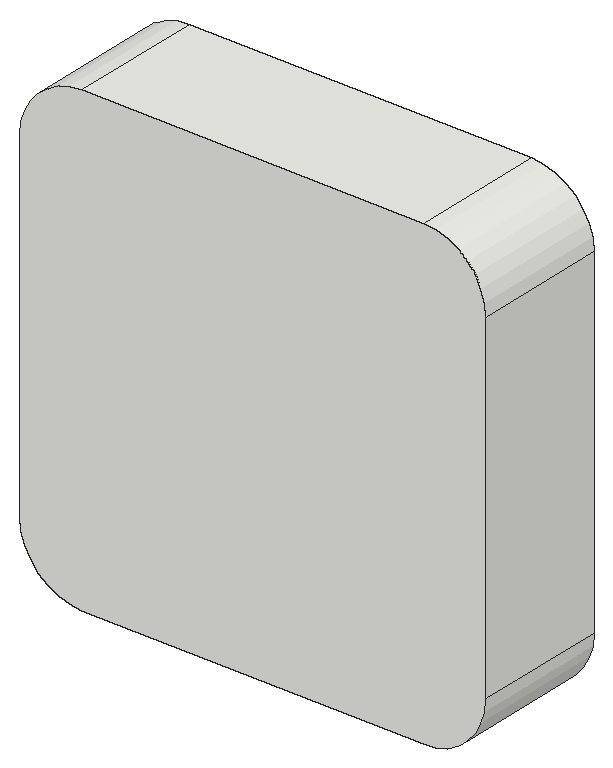
Revit family
Parameters (values of type "Type 1")
  Width = 300 mm
  Mounting Height [instance] = 2100 mm
  Height = 300 mm
Reference planes
  plane 1: y = 0
  plane 2 "Center (Left/Right)": x = 77.703
  plane 3 "Back": y = 75
  plane 4: z = 2100
  plane 5: z = 1800
  plane 6: x = 227.703
  plane 7: x = -72.297
  plane 8: z = 2070
  plane 9: z = 1830
  plane 10: x = 197.703
  plane 11: x = -42.297
Forms (mm)
  Extrusion 1, solid
    sketch origin (0, 75, 0) x (1, 0, 0) y (0, 0, 1)
      loop
        arc (187.703, 1800) -> (215.988, 1811.716) -> (227.703, 1840) r 40
        line (227.703, 1840) -> (227.703, 2060)
        arc (227.703, 2060) -> (215.988, 2088.284) -> (187.703, 2100) r 40
        line (187.703, 2100) -> (-32.297, 2100)
        arc (-32.297, 2100) -> (-60.581, 2088.284) -> (-72.297, 2060) r 40
        line (-72.297, 2060) -> (-72.297, 1840)
        arc (-72.297, 1840) -> (-60.581, 1811.716) -> (-32.297, 1800) r 40
        line (-32.297, 1800) -> (187.703, 1800)
    from -86.62 to 0
  Extrusion 2, void
    sketch origin (0, 75, 0) x (1, 0, 0) y (0, 0, 1)
      loop
        arc (177.703, 1830) -> (191.845, 1835.858) -> (197.703, 1850) r 20
        line (197.703, 1850) -> (197.703, 2050)
        arc (197.703, 2050) -> (191.845, 2064.142) -> (177.703, 2070) r 20
        line (177.703, 2070) -> (-22.297, 2070)
        arc (-22.297, 2070) -> (-36.439, 2064.142) -> (-42.297, 2050) r 20
        line (-42.297, 2050) -> (-42.297, 1850)
        arc (-42.297, 1850) -> (-36.439, 1835.858) -> (-22.297, 1830) r 20
        line (-22.297, 1830) -> (177.703, 1830)
    from -86.62 to -73.187
  Extrusion 3, solid
    sketch origin (77.703, 0, -10) x (0, 1, 0) y (0, 0, 1)
      loop
        line (161.62, 2040) -> (161.62, 2045) -> (148.187, 2055) -> (148.187, 2050) -> (161.62, 2040)
    from -120 to 120
  Extrusion 4, solid
    sketch origin (77.703, 0, -40) x (0, 1, 0) y (0, 0, 1)
      loop
        line (161.62, 2040) -> (161.62, 2045) -> (148.187, 2055) -> (148.187, 2050) -> (161.62, 2040)
    from -120 to 120
  Extrusion 5, solid
    sketch origin (77.703, 0, -70) x (0, 1, 0) y (0, 0, 1)
      loop
        line (161.62, 2040) -> (161.62, 2045) -> (148.187, 2055) -> (148.187, 2050) -> (161.62, 2040)
    from -120 to 120
  Extrusion 6, solid
    sketch origin (77.703, 0, -100) x (0, 1, 0) y (0, 0, 1)
      loop
        line (161.62, 2040) -> (161.62, 2045) -> (148.187, 2055) -> (148.187, 2050) -> (161.62, 2040)
    from -120 to 120
  Extrusion 7, solid
    sketch origin (77.703, 0, -130) x (0, 1, 0) y (0, 0, 1)
      loop
        line (161.62, 2040) -> (161.62, 2045) -> (148.187, 2055) -> (148.187, 2050) -> (161.62, 2040)
    from -120 to 120
  Extrusion 8, solid
    sketch origin (77.703, 0, -160) x (0, 1, 0) y (0, 0, 1)
      loop
        line (161.62, 2040) -> (161.62, 2045) -> (148.187, 2055) -> (148.187, 2050) -> (161.62, 2040)
    from -120 to 120
  Extrusion 9, solid
    sketch origin (77.703, 0, -190) x (0, 1, 0) y (0, 0, 1)
      loop
        line (161.62, 2040) -> (161.62, 2045) -> (148.187, 2055) -> (148.187, 2050) -> (161.62, 2040)
    from -120 to 120
Cuts and joins
  Extrusion 2 cuts Extrusion 1
Lines and regions (mm)
  model lines, style "InvisibleLines"
    curve 1: line (227.703, 75, 1840) -> (227.703, 75, 880)
Text (mm)
  text "Placement side" at (-1592.172, 830.966, 0), in view "Ref. Level"
  text "Placement side" at (0, 1270.507, 3001.832), in view "Left"
  text "Placement side" at (0, 530.812, 2999.686), in view "Right"
Dimensions and locks
  locked: plane 3 "Back" to host wall
  "Width": plane 6 to plane 7
  "Height": plane 5 to plane 4
  "Mounting Height": level to plane 4
  equal spacing: plane 6, plane 2 "Center (Left/Right)", plane 7
  plane 6 to plane 10 = 30 mm
  plane 11 to plane 7 = 30 mm
  plane 8 to plane 4 = 30 mm
  plane 5 to plane 9 = 30 mm
  plane 2 "Center (Left/Right)" to plane 10 to plane 6 = 120 mm, 30 mm
  aligned and locked: plane 1 to host wall
  aligned and locked: Extrusion 1 sketch curve to plane 5
  aligned and locked: plane 7 to Extrusion 1 sketch curve
  aligned and locked: plane 4 to Extrusion 1 sketch curve
  aligned and locked: Extrusion 1 sketch curve to plane 6
  aligned and locked: Extrusion 2 sketch curve to plane 9
  aligned and locked: plane 11 to Extrusion 2 sketch curve
  aligned and locked: plane 8 to Extrusion 2 sketch curve
  aligned and locked: Extrusion 2 sketch curve to plane 10
  aligned and locked: Extrusion 1 to host wall
  aligned and locked: Extrusion 1 to Extrusion 2
  aligned and locked: cut or joined group of Extrusion 1, Extrusion 2 to Extrusion 3 sketch curve  (x3)
  aligned and locked: plane 10 to Extrusion 3
  aligned and locked: Extrusion 3 to plane 11
  aligned and locked: curve 1 to cut or joined group of Extrusion 1, Extrusion 2
  aligned and locked: cut or joined group of Extrusion 1, Extrusion 2 to curve 1
Automatic sketch dimensions
  plane 11 to Extrusion 2 sketch curve = 20 mm  (x2)
  Extrusion 2 sketch curve to Extrusion 2 sketch curve = 20 mm
  Extrusion 2 sketch curve to plane 9 = 20 mm
  plane 8 to Extrusion 3 sketch curve = 40 mm
  Extrusion 3 sketch curve to Extrusion 3 sketch curve = 5 mm  (x3)
  host wall to Extrusion 4 sketch curve = 73.187 mm
  Extrusion 4 sketch curve to Extrusion 4 sketch curve = 13.434 mm
  plane 8 to Extrusion 4 sketch curve = 70 mm
  Extrusion 4 sketch curve to Extrusion 4 sketch curve = 5 mm  (x3)
  host wall to Extrusion 5 sketch curve = 73.187 mm
  Extrusion 5 sketch curve to Extrusion 5 sketch curve = 13.434 mm
  plane 8 to Extrusion 5 sketch curve = 100 mm
  Extrusion 5 sketch curve to Extrusion 5 sketch curve = 5 mm  (x3)
  host wall to Extrusion 6 sketch curve = 73.187 mm
  Extrusion 6 sketch curve to Extrusion 6 sketch curve = 13.434 mm
  plane 8 to Extrusion 6 sketch curve = 130 mm
  Extrusion 6 sketch curve to Extrusion 6 sketch curve = 5 mm  (x3)
  host wall to Extrusion 7 sketch curve = 73.187 mm
  Extrusion 7 sketch curve to Extrusion 7 sketch curve = 13.434 mm
  Extrusion 7 sketch curve to plane 9 = 80 mm
  Extrusion 7 sketch curve to Extrusion 7 sketch curve = 5 mm  (x3)
  host wall to Extrusion 8 sketch curve = 73.187 mm
  Extrusion 8 sketch curve to Extrusion 8 sketch curve = 13.434 mm
  Extrusion 8 sketch curve to plane 9 = 50 mm
  Extrusion 8 sketch curve to Extrusion 8 sketch curve = 5 mm  (x3)
  host wall to Extrusion 9 sketch curve = 73.187 mm
  Extrusion 9 sketch curve to plane 9 = 25 mm
  Extrusion 9 sketch curve to Extrusion 9 sketch curve = 13.434 mm
  Extrusion 9 sketch curve to Extrusion 9 sketch curve = 5 mm  (x3)
  plane 11 to Extrusion 1 sketch curve = 10 mm  (x2)
  plane 8 to Extrusion 1 sketch curve = 10 mm
  Extrusion 1 sketch curve to plane 10 = 10 mm
  level to curve 1 = 880 mm
Nested families
  nested 1: "Panel Label (nz)" at (77.703, 161.62, 0) x (-1, 0, 0) z (0, 0, 1), type "Panel Label"
Definition of nested family "Panel Label (nz)"
  Parameters
    Panel Type = ""
  Reference planes
    plane 1: y = 0
    plane 2: x = 0
  Text (mm)
    label "Panel Type" at (0.251, -0.698, 0), shows "Panel Type"
